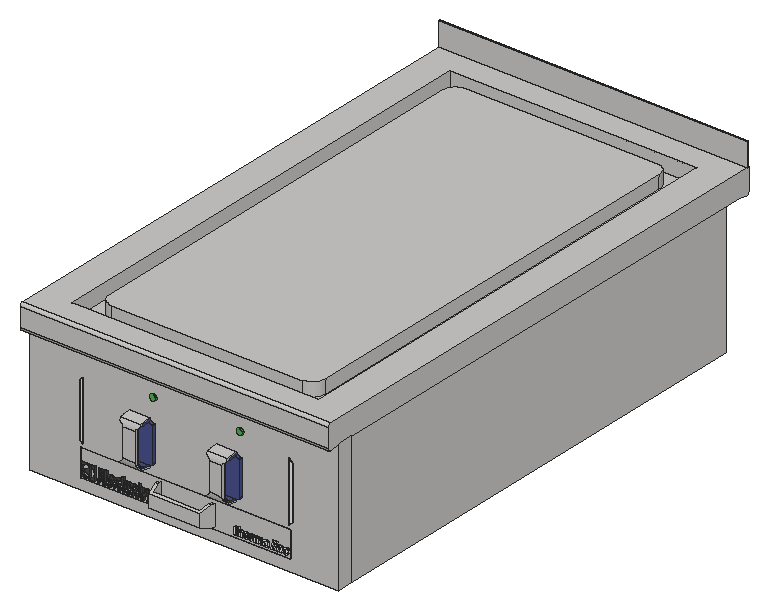
Revit family "QF_ELECTROLUXPROFESSIONAL_588549_MBTABBEOAO", category Attrezzature speciali, Revit 2020
Family settings
  Quota connettore circolare = Usa diametro
  Tipo di parte = Normale
  Basato su piano di lavoro = No
  Sempre verticale = Sì
  Taglio con vuoti quando caricato = No
  Condiviso = No
  Punto di calcolo locali = No
Parameters (values of type "Standard")
  Weight = 73.00 kg
  Watts = 6000 W
  Volts = 400 V
  URL Manufacturer = "https://www.electroluxprofessional.com/"
  URL = "https://www.electroluxprofessional.com/"
  Steam Supply Size = 0"
  Steam Supply Minimum Pressure = 0.00 psi
  Steam Supply Maximum Pressure = 0.00 psi
  Steam Consumption per Hour = 0
  Refrigeration Suction Line Size = 0 mm
  Refrigeration Liquid Line Size = 0 mm
  Refrigerant Compressor Remote = yes
  Prospetto di default = 0 mm
  Phase = 3
  Modello = "MBTABBEOAO"
  Produttore = "Electrolux Professional"
  Length Actual = 500 mm  # constant formula
  Item Number = "588549"
  Hot Water Size = 0"
  Height Actual = 250 mm  # constant formula
  HP = "8 HP"
  Gas Size = 0"
  Gas KW = 0
  Gas Input Pressure = 0.0 Btu/h
  Direct Waste Size = 0"
  Descrizione = "EL.FREE COOKING TOP,1S,BS,500X850X250H"
  Depth Actual = 850 mm  # constant formula
  Cycle = 50 Hz
  Condensate Return Size = 0"
  Compressed Air Volume = 0 GPM
  Compressed Air Size = 0"
  Compressed Air Pressure = 0.00 psi
  Cold Water Size = 0"
  Accessory = yes
Reference planes
  plane 1 "BACK": y = 0
  plane 2: z = 0
  plane 3 "LEFT": x = 0
  plane 4 "RIGHT": x = 500
  plane 5 "FRONT": y = -850
  plane 6 "TOP": z = 900
  plane 7 "Center (Left/Right)": x = 250
  plane 8: y = -425
  plane 9: y = -150
  plane 10: x = 50
  plane 11: x = 450
  plane 12: y = -42
  plane 13: y = -808
  plane 14 "EIx": x = 455
  plane 15 "EIy": y = -635
  plane 16: z = 938
  plane 17 "BaseTop": z = 650
  plane 18: y = -805
Forms (mm)
  Extrusion 1, solid, material "QF_Finishes_Stainless Steel"
    sketch origin (-178.969, -4572, 100) x (-1, 0, 0) y (0, -1, 0)
      loop
        line (-178.969, -4527) -> (-178.969, -3767) -> (-678.969, -3767) -> (-678.969, -4527) -> (-178.969, -4527)
    from 550 to 762.969
  Extrusion 2, solid, material "QF_Finishes_Stainless Steel"
    sketch origin (0, 0, 650) x (-1, 0, 0) y (0, -1, 0)
      loop
        circle (-455, 635) r 6.35
    from 0 to -11.851
  Extrusion 3, solid, material "QF_Finishes_Stainless Steel"
    sketch origin (250, 296.4, 1219.2) x (0, 1, 0) y (0, 0, 1)
      loop
        line (-296.4, -319.2) -> (-1141.4, -319.2)
        arc (-1141.4, -319.2) -> (-1144.935, -320.664) -> (-1146.4, -324.2) r 5
        line (-1146.4, -324.2) -> (-1146.4, -355.2)
        arc (-1146.4, -355.2) -> (-1144.971, -358.264) -> (-1141.705, -359.139) r 4
        line (-1141.705, -359.139) -> (-1126.4, -356.231) -> (-316.4, -356.231) -> (-301.094, -359.139)
        arc (-301.094, -359.139) -> (-297.829, -358.264) -> (-296.4, -355.2) r 4
        line (-296.4, -355.2) -> (-296.4, -319.2)
    from -250 to 250
  Extrusion 4, solid, material "QF_Finishes_Stainless Steel"
    sketch origin (0, 0, 900) x (-1, 0, 0) y (0, -1, 0)
      loop
        arc (-95, 67) -> (-80.858, 72.858) -> (-75, 87) r 20
        line (-75, 87) -> (-75, 763)
        arc (-75, 763) -> (-80.858, 777.142) -> (-95, 783) r 20
        line (-95, 783) -> (-405, 783)
        arc (-405, 783) -> (-419.142, 777.142) -> (-425, 763) r 20
        line (-425, 763) -> (-425, 87)
        arc (-425, 87) -> (-419.142, 72.858) -> (-405, 67) r 20
        line (-405, 67) -> (-95, 67)
    from 1 to -20
  Extrusion 5, void
    sketch origin (0, 0, 900) x (-1, 0, 0) y (0, -1, 0)
      loop
        line (-50, 808) -> (-450, 808) -> (-450, 42) -> (-50, 42) -> (-50, 808)
    from 0 to -25
  Extrusion 6, solid, material "QF_Finishes_Stainless Steel"
    sketch origin (250, 296.4, 1219.2) x (0, 1, 0) y (0, 0, 1)
      loop
        line (-296.4, -319.2) -> (-296.4, -281.2) -> (-298.4, -281.2) -> (-298.4, -319.2) -> (-296.4, -319.2)
    from 250 to -250
Cuts and joins
  Extrusion 5 cuts Extrusion 3
Lines and regions (mm)
  symbolic lines
    curve 1: line (0, 0, 100) -> (500, 0, 100)
    curve 2: line (0, -850, 100) -> (0, 0, 100)
    curve 3: line (500, -850, 100) -> (0, -850, 100)
    curve 4: line (500, 0, 100) -> (500, -850, 100)
    curve 5: line (50, -808, 0) -> (450, -808, 0)
    curve 6: line (450, -808, 0) -> (450, -42, 0)
    curve 7: line (450, -42, 0) -> (50, -42, 0)
    curve 8: line (50, -42, 0) -> (50, -808, 0)
    curve 9: line (0, -2, 0) -> (500, -2, 0)
Dimensions and locks
  plane 3 "LEFT" to plane 4 "RIGHT" = 500 mm
  locked: plane 5 "FRONT" to plane 1 "BACK" at 850
  equal spacing: plane 3 "LEFT", plane 7 "Center (Left/Right)", plane 4 "RIGHT"
  equal spacing: plane 5 "FRONT", plane 8, plane 1 "BACK"
  plane 6 "TOP" to level = 900 mm  (x2)
  plane 1 "BACK" to plane 9 = 150 mm
  plane 1 "BACK" to Extrusion 2 = 635 mm
  locked: plane 14 "EIx" to plane 4 "RIGHT" at 45
  locked: plane 15 "EIy" to plane 1 "BACK" at 635
  plane 16 to plane 6 "TOP" = 38 mm
  plane 12 to plane 1 "BACK" = 42 mm
  plane 5 "FRONT" to plane 13 = 42 mm
  plane 3 "LEFT" to plane 10 = 50 mm
  plane 11 to plane 4 "RIGHT" = 50 mm
  locked: plane 6 "TOP" to plane 17 "BaseTop" at 250
  locked: plane 18 to plane 5 "FRONT" at 45
  aligned and locked: level to plane 2
  aligned and locked: cut or joined group of Extrusion 3, Extrusion 5 to plane 3 "LEFT"
  aligned and locked: cut or joined group of Extrusion 3, Extrusion 5 to plane 4 "RIGHT"
  aligned and locked: Extrusion 5 sketch curve to plane 10
  aligned and locked: plane 12 to Extrusion 5 sketch curve
  aligned and locked: plane 11 to Extrusion 5 sketch curve
  aligned and locked: Extrusion 5 sketch curve to plane 13
  aligned and locked: nested 1 to plane 18
  aligned and locked: Extrusion 1 to plane 18
  aligned and locked: Extrusion 6 to plane 3 "LEFT"
  aligned and locked: Extrusion 6 to plane 4 "RIGHT"
  aligned and locked: plane 3 "LEFT" to nested 1
Automatic sketch dimensions
  Extrusion 3 sketch curve to plane 5 "FRONT" = 0 mm
  Extrusion 3 sketch curve to plane 6 "TOP" = 0 mm
  Extrusion 3 sketch curve to plane 1 "BACK" = 0 mm
  Extrusion 3 sketch curve to plane 5 "FRONT" = 4 mm
  Extrusion 3 sketch curve to Extrusion 3 sketch curve = 0.695 mm
  Extrusion 3 sketch curve to plane 5 "FRONT" = 5 mm
  Extrusion 3 sketch curve to Extrusion 3 sketch curve = 15.305 mm
  plane 1 "BACK" to Extrusion 3 sketch curve = 20 mm
  plane 1 "BACK" to Extrusion 3 sketch curve = 4.695 mm
  Extrusion 3 sketch curve to Extrusion 3 sketch curve = 4 mm
  Extrusion 3 sketch curve to Extrusion 3 sketch curve = 31 mm
  Extrusion 3 sketch curve to plane 6 "TOP" = 36 mm
  Extrusion 3 sketch curve to Extrusion 3 sketch curve = 2.909 mm
  Extrusion 1 sketch curve to plane 4 "RIGHT" = 0 mm
  Extrusion 1 sketch curve to plane 3 "LEFT" = 0 mm
  plane 1 "BACK" to Extrusion 1 sketch curve = 45 mm
  plane 1 "BACK" to curve 1 = 0 mm
  curve 1 to plane 4 "RIGHT" = 0 mm
  curve 2 to plane 3 "LEFT" = 0 mm
  plane 5 "FRONT" to curve 3 = 0 mm
  Extrusion 2 sketch curve to plane 14 "EIx" = 0 mm
  Extrusion 2 sketch curve to plane 15 "EIy" = 0 mm
  Extrusion 1 sketch curve to plane 5 "FRONT" = 45 mm
  Extrusion 6 sketch curve to plane 6 "TOP" = 0 mm
  Extrusion 6 sketch curve to plane 16 = 0 mm
  Extrusion 6 sketch curve to plane 1 "BACK" = 0 mm
  Extrusion 6 sketch curve to Extrusion 6 sketch curve = 2 mm
  curve 9 to plane 3 "LEFT" = 0 mm
  curve 5 to plane 10 = 0 mm
  curve 6 to plane 11 = 0 mm
  curve 9 to plane 4 "RIGHT" = 0 mm
  plane 13 to curve 5 = 0 mm
  plane 12 to curve 7 = 0 mm
  plane 1 "BACK" to curve 9 = 2 mm
  plane 11 to Extrusion 4 sketch curve = 25 mm
  Extrusion 4 sketch curve to Extrusion 4 sketch curve = 20 mm  (x3)
  plane 9 to Extrusion 4 sketch curve = 63 mm
  Extrusion 4 sketch curve to plane 10 = 45 mm
  Extrusion 4 sketch curve to plane 13 = 45 mm  (x2)
  radius of Extrusion 2 sketch curve = 6.35 mm
Nested families
  nested 1: "Front_Panel_W500_Two Knobs_Spie" at (52.376, -805, 0), type "Front_Panel_W500_Two Knobs_Spie"
Connectors
  electrical at (455, -635, 638.149)
    settings: on Extrusion 2, index 1, voltage 400 V, apparent load 33000 VA, apparent load phase1 0 VA, apparent load phase2 0 VA, apparent load phase3 0 VA, power factor 1, load classification "Other", number of poles 1, system type 30, power factor state 1, is connector primary yes, connector utility no, sub classification motor no, connector description "ELECTRICAL CONNECTION"
Definition of nested family "Front_Panel_W500_Two Knobs_Spie"
  Parameters
    Default Elevation = 0 mm
  Reference planes
    plane 1 "Center (Front/Back)": y = 0
    plane 2: z = 0
    plane 3 "Center (Left/Right)": x = 197.624
    plane 4 "Left": x = -52.376
    plane 5 "Right": x = 447.624
    plane 6: y = -45
    plane 7: x = 127.624
    plane 8: y = -310
    plane 9 "Panel": y = -25
  Forms (mm)
    Extrusion 1, solid
      sketch origin (833.217, 829.203, -1.25) x (0, 1, 0) y (0, 0, 1)
        loop
          line (-854.203, 651.25) -> (-829.203, 651.25) -> (-829.203, 864.25) -> (-854.203, 864.25) -> (-854.203, 651.25)
      from -885.593 to -385.593
    Extrusion 2, void
      sketch origin (0, -25, -10) x (0, 0, 1) y (-1, 0, 0)
        loop
          line (731.866, -27.624) -> (726.866, -32.624) -> (823.866, -32.624) -> (818.866, -27.624) -> (731.866, -27.624)
        loop
          line (731.866, -372.624) -> (818.866, -372.624) -> (823.866, -367.624) -> (726.866, -367.624) -> (731.866, -372.624)
      from 0 to -2
    Extrusion 3, void
      sketch origin (0, 0, 0) x (1, 0, 0) y (0, 0, 1)
        loop
          line (30.124, 711.866) -> (30.124, 666.866) -> (370.124, 666.866) -> (370.124, 711.866) -> (30.124, 711.866)
      from 19.387 to 25
    Extrusion 4, solid
      sketch origin (160, -25, 1.163) x (0, 0, 1) y (-1, 0, 0)
        loop
          circle (824.337, 12.376) r 5
      from 0 to 1.7
    Extrusion 5, solid
      sketch origin (300.724, -25, 1.163) x (0, 0, 1) y (-1, 0, 0)
        loop
          circle (824.337, 12.376) r 5
      from 0 to 1.7
    Extrusion 6, solid
      sketch origin (0, -25, -10) x (0, 0, 1) y (-1, 0, 0)
        loop
          line (731.866, -27.624) -> (726.866, -32.624) -> (823.866, -32.624) -> (818.866, -27.624) -> (731.866, -27.624)
        loop
          line (726.866, -367.624) -> (731.866, -372.624) -> (818.866, -372.624) -> (823.866, -367.624) -> (726.866, -367.624)
      from 0 to -2
    Extrusion 7, solid
      sketch origin (52.827, 0, -0.001) x (1, 0, 0) y (0, 0, 1)
        loop
          line (-21.376, 710.866) -> (-21.376, 667.866) -> (316.624, 667.866) -> (316.624, 710.866) -> (-21.376, 710.866)
      from 19.387 to 25
    Extrusion 8, solid
      sketch origin (52.827, 0, -0.001) x (1, 0, 0) y (0, 1, 0)
        loop
          line (106.059, -25) -> (100.966, -25) -> (105.646, -49.075) -> (189.603, -49.075) -> (194.283, -25) -> (189.189, -25) -> (185.481, -44.075) -> (109.767, -44.075) -> (106.059, -25)
      from 672.593 to 705.67
    Extrusion 9, void
      sketch origin (200.451, 0, -0.001) x (0, 1, 0) y (0, 0, 1)
        loop
          line (-30, 705.67) -> (-30, 710.67) -> (-56.744, 710.67) -> (-56.744, 667.593) -> (-30, 667.593) -> (-30, 672.593) -> (-53.776, 680.318) -> (-53.776, 697.945) -> (-30, 705.67)
      from -50 to 50
    Extrusion 10, solid, detail levels coarse
      sketch origin (52.827, -265, -0.001) x (1, 0, 0) y (0, 1, 0)
        loop
          line (106.164, -71.744) -> (189.084, -71.744) -> (194.283, -45) -> (316.624, -45) -> (316.624, 240) -> (-21.376, 240) -> (-21.376, -45) -> (100.966, -45) -> (106.164, -71.744)
      from 672.593 to 705.67
    Extrusion 11, void
      sketch origin (200.451, -280, -0.001) x (0, 1, 0) y (0, 0, 1)
        loop
          line (-30, 705.67) -> (-30, 710.67) -> (-56.744, 710.67) -> (-56.744, 667.593) -> (-30, 667.593) -> (-30, 672.593) -> (-53.776, 680.318) -> (-53.776, 697.945) -> (-30, 705.67)
      from -50 to 50
  Cuts and joins
    Extrusion 2, Extrusion 3 cuts Extrusion 1
    Extrusion 9 cuts Extrusion 8
    Extrusion 9, Extrusion 11 cuts Extrusion 10
  Lines and regions (mm)
    symbolic lines
      curve 1: line (31.124, -45, 0) -> (31.124, -310, 0)
      curve 2: line (31.124, -310, 0) -> (364.124, -310, 0)
      curve 3: line (135.966, -310, 0) -> (140.646, -334.075, 0)
      curve 4: line (140.646, -334.075, 0) -> (254.603, -334.075, 0)
      curve 5: line (254.603, -334.075, 0) -> (259.283, -310, 0)
      curve 6: line (364.124, -310, 0) -> (364.124, -45, 0)
      curve 7: line (31.124, -300, 0) -> (364.124, -300, 0)
      curve 8: line (140.874, -309.046, 0) -> (144.767, -329.075, 0)
      curve 9: line (144.767, -329.075, 0) -> (250.481, -329.075, 0)
      curve 10: line (250.481, -329.075, 0) -> (254.375, -309.046, 0)
  Dimensions and locks
    equal spacing: plane 5 "Right", plane 3 "Center (Left/Right)", plane 4 "Left"
    plane 5 "Right" to plane 4 "Left" = 500 mm
    plane 3 "Center (Left/Right)" to plane 7 = 70 mm
    plane 6 to plane 8 = 265 mm
    aligned and locked: cut or joined group of Extrusion 1, Extrusion 2, Extrusion 3 to plane 4 "Left"
    aligned and locked: plane 5 "Right" to cut or joined group of Extrusion 1, Extrusion 2, Extrusion 3
  Automatic sketch dimensions
    plane 6 to curve 1 = 0 mm
    curve 1 to plane 8 = 0 mm
    plane 6 to curve 6 = 0 mm
    plane 7 to curve 3 = 13.021 mm
    curve 3 to curve 8 = 4.122 mm
    curve 10 to plane 8 = 19.075 mm
    plane 3 "Center (Left/Right)" to curve 10 = 52.857 mm
    curve 5 to plane 8 = 24.075 mm
    curve 9 to curve 5 = 4.122 mm
    curve 4 to curve 2 = 109.521 mm
    plane 7 to curve 3 = 8.342 mm
    plane 8 to curve 8 = 0.954 mm
    curve 3 to curve 8 = 4.908 mm
    plane 8 to curve 10 = 0.954 mm
    curve 9 to curve 10 = 3.893 mm
    curve 10 to curve 5 = 4.908 mm
    plane 8 to curve 7 = 10 mm
    Extrusion 1 sketch curve to plane 9 "Panel" = 0 mm
    Extrusion 1 sketch curve to plane 1 "Center (Front/Back)" = 0 mm
    Extrusion 2 sketch curve to Extrusion 2 sketch curve = 5 mm  (x6)
    Extrusion 3 sketch curve to Extrusion 3 sketch curve = 45 mm
    plane 7 to Extrusion 4 sketch curve = 20 mm
    plane 3 "Center (Left/Right)" to Extrusion 5 sketch curve = 90.724 mm
    Extrusion 6 sketch curve to Extrusion 6 sketch curve = 5 mm  (x6)
    plane 4 "Left" to curve 2 = 83.5 mm
    plane 4 "Left" to Extrusion 3 sketch curve = 82.5 mm
    Extrusion 2 sketch curve to plane 5 "Right" = 80 mm
    Extrusion 3 sketch curve to plane 5 "Right" = 77.5 mm
    Extrusion 6 sketch curve to plane 5 "Right" = 80 mm
    plane 4 "Left" to Extrusion 2 sketch curve = 85 mm
    plane 4 "Left" to Extrusion 6 sketch curve = 85 mm
    level to Extrusion 1 sketch curve = 650 mm
    Extrusion 1 sketch curve to Extrusion 1 sketch curve = 213 mm
    level to Extrusion 2 sketch curve = 716.866 mm
    Extrusion 2 sketch curve to Extrusion 2 sketch curve = 0 mm
    Extrusion 2 sketch curve to Extrusion 2 sketch curve = 87 mm  (x2)
    level to Extrusion 3 sketch curve = 666.866 mm
    level to Extrusion 4 sketch curve = 825.5 mm
    level to Extrusion 5 sketch curve = 825.5 mm
    level to Extrusion 6 sketch curve = 716.866 mm
    Extrusion 6 sketch curve to Extrusion 6 sketch curve = 0 mm
    Extrusion 6 sketch curve to Extrusion 6 sketch curve = 87 mm  (x2)
    plane 4 "Left" to Extrusion 7 sketch curve = 83.827 mm
    Extrusion 7 sketch curve to plane 5 "Right" = 78.173 mm
    level to Extrusion 7 sketch curve = 667.864 mm
    Extrusion 7 sketch curve to Extrusion 7 sketch curve = 43 mm
    plane 9 "Panel" to Extrusion 8 sketch curve = 0 mm  (x2)
    plane 7 to Extrusion 8 sketch curve = 26.169 mm
    plane 6 to Extrusion 8 sketch curve = 4.075 mm
    Extrusion 8 sketch curve to Extrusion 8 sketch curve = 4.68 mm
    Extrusion 8 sketch curve to Extrusion 8 sketch curve = 5.094 mm  (x2)
    Extrusion 8 sketch curve to plane 6 = 0.925 mm
    Extrusion 8 sketch curve to Extrusion 8 sketch curve = 4.122 mm  (x2)
    plane 3 "Center (Left/Right)" to Extrusion 8 sketch curve = 40.684 mm
    Extrusion 8 sketch curve to Extrusion 8 sketch curve = 3.708 mm
    plane 6 to Extrusion 9 sketch curve = 11.744 mm
    plane 6 to Extrusion 9 sketch curve = 8.776 mm
    plane 9 "Panel" to Extrusion 9 sketch curve = 5 mm  (x2)
    level to Extrusion 9 sketch curve = 667.591 mm
    Extrusion 9 sketch curve to Extrusion 9 sketch curve = 5 mm
    Extrusion 9 sketch curve to Extrusion 9 sketch curve = 12.725 mm  (x2)
    Extrusion 9 sketch curve to Extrusion 9 sketch curve = 17.627 mm
    Extrusion 9 sketch curve to Extrusion 9 sketch curve = 7.725 mm
    plane 9 "Panel" to Extrusion 10 sketch curve = 0 mm
    Extrusion 10 sketch curve to plane 8 = 0 mm  (x2)
    plane 4 "Left" to Extrusion 10 sketch curve = 83.827 mm
    plane 7 to Extrusion 10 sketch curve = 26.169 mm
    Extrusion 10 sketch curve to Extrusion 10 sketch curve = 5.199 mm  (x2)
    plane 3 "Center (Left/Right)" to Extrusion 10 sketch curve = 44.287 mm
    Extrusion 10 sketch curve to plane 5 "Right" = 78.173 mm
    Extrusion 10 sketch curve to plane 8 = 26.744 mm
    Extrusion 11 sketch curve to plane 8 = 0 mm  (x2)
    Extrusion 11 sketch curve to plane 8 = 23.776 mm
    Extrusion 11 sketch curve to Extrusion 11 sketch curve = 2.968 mm
    level to Extrusion 11 sketch curve = 667.591 mm
    Extrusion 11 sketch curve to Extrusion 11 sketch curve = 5 mm
    Extrusion 11 sketch curve to Extrusion 11 sketch curve = 12.725 mm  (x2)
    Extrusion 11 sketch curve to Extrusion 11 sketch curve = 17.627 mm
    Extrusion 11 sketch curve to Extrusion 11 sketch curve = 7.725 mm
    radius of Extrusion 4 sketch curve = 5 mm
    radius of Extrusion 5 sketch curve = 5 mm
  Nested families
    nested 1: "Range Control Handle" at (127.624, -28.137, -209.113) x (-1, 0, 0) z (0, 0, 1), type "Range Control Handle"
    nested 2: "Range Control Handle" at (267.624, -28.137, -209.113), type "Range Control Handle"
    nested 3: "ELX_ThermaLine_Small" at (319.139, -25, 679.341) x (1, 0, 0) z (0, -1, 0), type "ELX_ThermaLine_Small"
      with Show Logo yes, Material_Logo none
    nested 4: "ELX_Professional_Logo_Small" at (91.781, -25, 681.573) x (1, 0, 0) z (0, -1, 0), type "ELX_Professional_Logo_Small"
      with Show Logo yes, Material_Logo none
  Definition of nested family "Range Control Handle"
    Parameters
      Default Elevation = 0 mm
    Reference planes
      plane 1 "Center (Front/Back)": y = 0
      plane 2: z = 0
      plane 3 "Center (Left/Right)": x = 0
      plane 4: z = 971.092
      plane 5: y = -16.9
    Forms (mm)
      Extrusion 1, solid
        sketch origin (-746.28, 380.497, 208.931) x (-1, 0, 0) y (0, 0, 1)
          loop
            line (-770.101, 786.798) -> (-770.101, 731.649)
            arc (-770.101, 731.649) -> (-769.759, 730.563) -> (-768.855, 729.87) r 1.893
            line (-768.855, 729.87) -> (-763.474, 727.911) -> (-729.81, 727.911) -> (-724.428, 729.87)
            arc (-724.428, 729.87) -> (-723.525, 730.563) -> (-723.183, 731.649) r 1.893
            line (-723.183, 731.649) -> (-723.183, 786.798)
            arc (-723.183, 786.798) -> (-723.529, 787.894) -> (-724.44, 788.593) r 1.91
            line (-724.44, 788.593) -> (-729.683, 790.819) -> (-763.601, 790.819) -> (-768.844, 788.593)
            arc (-768.844, 788.593) -> (-769.755, 787.894) -> (-770.101, 786.798) r 1.91
        from -382.35 to -378.852
      Sweep 2, solid
        path origin (-746.788, 380.496, 208.091) x (0, -1, 0) y (0, 0, 1)
          loop
            line (379.775, 793.281) -> (395.661, 791.048)
            arc (395.661, 791.048) -> (397.781, 787.377) -> (398.517, 783.202) r 12.207
            line (398.517, 783.202) -> (398.517, 737.368)
            arc (398.517, 737.368) -> (397.781, 733.193) -> (395.661, 729.522) r 12.207
            line (395.661, 729.522) -> (379.775, 727.289)
        profile origin (-746.788, -7.222, 1000.256) x (0, -0.139173, 0.990268) y (-1, 0, 0)
          loop
            line (0.782, -763.123) -> (0.782, -730.907) -> (-1.322, -730.907) -> (-1.322, -763.123) -> (0.782, -763.123)
      Sweep 3, solid
        path origin (-746.788, 380.715, 207.832) x (0, -1, 0) y (0, 0, 1)
          loop
            line (380.478, 795.442) -> (397.218, 793.09)
            arc (397.218, 793.09) -> (399.929, 788.473) -> (400.871, 783.202) r 15.207
            line (400.871, 783.202) -> (400.871, 737.584)
            arc (400.871, 737.584) -> (399.914, 732.274) -> (397.164, 727.633) r 15.207
            line (397.164, 727.633) -> (380.601, 725.305)
        profile origin (-746.788, -8.132, 1002.099) x (0, -0.139173, 0.990268) y (-1, 0, 0)
          loop
            line (0.782, -763.123) -> (0.782, -730.907) -> (-1.322, -730.907) -> (-1.322, -763.123) -> (0.782, -763.123)
      Extrusion 4, void
        sketch origin (889.253, 220.666, 207.993) x (1, 0, 0) y (0, 0, 1)
          loop
            line (-943.038, 816.854) -> (-943.038, 703.686) -> (-899.466, 734.196) -> (-899.466, 786.344) -> (-943.038, 816.854)
        from 230.636 to 242.25
      Extrusion 5, void
        sketch origin (-888.8, 220.666, 207.993) x (-1, 0, 0) y (0, 0, -1)
          loop
            line (-943.038, -816.854) -> (-899.466, -786.344) -> (-899.466, -734.196) -> (-943.038, -703.686) -> (-943.038, -816.854)
        from 230.636 to 242.25
      Extrusion 6, solid
        sketch origin (0, 0, 0) x (1, 0, 0) y (0, 0, 1)
          loop
            circle (0, 971.092) r 7.736
        from -3.137 to -1.645
    Cuts and joins
      Extrusion 4, Extrusion 5 cuts Sweep 3
      Extrusion 4, Extrusion 5 cuts Sweep 2
      joined: Extrusion 1, Extrusion 6
    Lines and regions (mm)
      symbolic lines
        curve 1: line (16.334, -16.9, 0) -> (16.334, -19.227, 0)
        curve 2: spline (16.334, -19.227, 0) -> (15.87, -19.385, 0) -> (15.404, -19.536, 0) -> (14.936, -19.678, 0) -> (14.466, -19.813, 0) -> (13.995, -19.94, 0) -> (13.523, -20.059, 0) -> (13.049, -20.171, 0) -> (12.575, -20.274, 0) -> (12.099, -20.37, 0) -> (11.622, -20.458, 0) -> (11.144, -20.537, 0) -> (10.666, -20.609, 0)
        curve 3: line (10.666, -16.9, 0) -> (10.666, -20.938, 0)
        curve 4: line (-10.213, -20.938, 0) -> (10.666, -20.938, 0)
        curve 5: line (-10.213, -20.938, 0) -> (-10.213, -16.9, 0)
        curve 6: spline (-10.213, -20.609, 0) -> (-10.691, -20.537, 0) -> (-11.169, -20.458, 0) -> (-11.646, -20.37, 0) -> (-12.122, -20.274, 0) -> (-12.597, -20.171, 0) -> (-13.07, -20.059, 0) -> (-13.542, -19.94, 0) -> (-14.013, -19.813, 0) -> (-14.483, -19.678, 0) -> (-14.951, -19.536, 0) -> (-15.417, -19.385, 0) -> (-15.881, -19.227, 0)
        curve 7: line (-15.881, -19.227, 0) -> (-15.881, -16.9, 0)
  Definition of nested family "ELX_ThermaLine_Small"
    Parameters
      Show Logo [instance] = yes
      Material_Logo [instance] = none
      Default Elevation = 0 mm
    Reference planes
      plane 1 "Centro (Fronte/Retro)": y = 0
      plane 2: z = 0
      plane 3 "Centro (Sinistra/Destra)": x = 0
    Forms (mm)
      Extrusion 1, solid
        sketch origin (0, 0, 0) x (1, 0, 0) y (0, 1, 0)
          loop
            line (-1219.2, 1219.2) -> (-1219.2, -1219.2) -> (1219.2, -1219.2) -> (1219.2, 1219.2) -> (-1219.2, 1219.2)
        from 0 to -304.8
      Extrusion 2, solid
        sketch origin (0, 0, 0) x (1, 0, 0) y (0, 1, 0)
          loop
            line (-37.494, 1.229) -> (-35.908, 1.229) -> (-35.908, 3.066) -> (-37.494, 3.066) -> (-37.494, 6.221) -> (-39.867, 4.881) -> (-39.867, 3.066) -> (-40.969, 3.066) -> (-40.969, 1.229) -> (-39.867, 1.229) -> (-39.867, -3.407)
            arc (-39.867, -3.407) -> (-38.982, -5.513) -> (-36.751, -6.001) r 2.478
            line (-36.751, -6.001) -> (-35.638, -5.7) -> (-35.9, -3.835) -> (-36.661, -4.039)
            arc (-36.661, -4.039) -> (-37.236, -3.924) -> (-37.494, -3.399) r 0.662
            line (-37.494, -3.399) -> (-37.494, 1.229)
          loop
            line (-34.242, 6.539) -> (-34.242, -5.848) -> (-31.854, -5.848) -> (-31.854, -0.078)
            arc (-31.854, -0.078) -> (-30.939, 1.249) -> (-29.33, 1.367) r 1.866
            arc (-29.33, 1.367) -> (-28.695, 0.768) -> (-28.461, -0.073) r 1.627
            line (-28.461, -0.073) -> (-28.461, -5.848) -> (-26.086, -5.848) -> (-26.064, -0.46)
            arc (-26.064, -0.46) -> (-26.261, 0.932) -> (-26.786, 2.237) r 5.825
            arc (-26.786, 2.237) -> (-29.381, 3.264) -> (-31.854, 1.971) r 3.353
            line (-31.854, 1.971) -> (-31.854, 6.539) -> (-34.242, 6.539)
          loop
            arc (-18.398, -0.598) -> (-18.893, 0.879) -> (-20.326, 1.487) r 1.897
            arc (-20.326, 1.487) -> (-21.461, 0.708) -> (-21.897, -0.598) r 2.164
            line (-21.897, -0.598) -> (-18.398, -0.598)
          loop
            arc (-16.021, -2.044) -> (-16.754, 1.227) -> (-19.444, 3.226) r 4.814
            arc (-19.444, 3.226) -> (-22.137, 2.788) -> (-23.943, 0.743) r 4.054
            arc (-23.943, 0.743) -> (-24.382, -1.249) -> (-24.162, -3.276) r 6.289
            arc (-24.162, -3.276) -> (-23.302, -4.71) -> (-21.958, -5.705) r 4.28
            arc (-21.958, -5.705) -> (-18.558, -5.814) -> (-16.152, -3.409) r 4.28
            line (-16.152, -3.409) -> (-18.5, -2.995)
            arc (-18.5, -2.995) -> (-19.273, -3.994) -> (-20.533, -4.076) r 1.536
            arc (-20.533, -4.076) -> (-21.56, -3.281) -> (-21.958, -2.044) r 2.197
            line (-21.958, -2.044) -> (-16.021, -2.044)
          loop
            line (-14.165, -5.848) -> (-11.819, -5.848) -> (-11.819, -2.138)
            arc (-11.819, -2.138) -> (-11.787, -1.156) -> (-11.637, -0.185) r 8.18
            arc (-11.637, -0.185) -> (-10.644, 0.972) -> (-9.132, 0.776) r 1.603
            line (-9.132, 0.776) -> (-8.419, 2.846)
            arc (-8.419, 2.846) -> (-10.432, 3.118) -> (-11.994, 1.821) r 2.527
            line (-11.994, 1.821) -> (-11.994, 3.094) -> (-14.165, 3.094) -> (-14.165, -5.848)
          loop
            line (-7.579, 3.094) -> (-7.579, -5.848) -> (-5.178, -5.848) -> (-5.178, -0.756)
            arc (-5.178, -0.756) -> (-4.727, 0.679) -> (-3.417, 1.419) r 2.05
            arc (-3.417, 1.419) -> (-2.499, 0.908) -> (-2.155, -0.085) r 1.471
            line (-2.155, -0.085) -> (-2.155, -5.848) -> (0.23, -5.848) -> (0.23, -1.001)
            arc (0.23, -1.001) -> (0.47, 0.127) -> (1.148, 1.061) r 2.775
            arc (1.148, 1.061) -> (2.225, 1.329) -> (3.05, 0.587) r 1.182
            arc (3.05, 0.587) -> (3.199, -0.019) -> (3.214, -0.642) r 2.894
            line (3.214, -0.642) -> (3.214, -5.848) -> (5.601, -5.848) -> (5.601, 0.261)
            arc (5.601, 0.261) -> (4.87, 2.263) -> (2.976, 3.241) r 2.932
            arc (2.976, 3.241) -> (1.284, 2.973) -> (-0.047, 1.896) r 3.309
            arc (-0.047, 1.896) -> (-1.116, 2.865) -> (-2.506, 3.258) r 3.16
            arc (-2.506, 3.258) -> (-4.105, 2.942) -> (-5.376, 1.92) r 3.419
            line (-5.376, 1.92) -> (-5.376, 3.094) -> (-7.579, 3.094)
          loop
            line (7.583, 0.738) -> (9.702, 0.364)
            arc (9.702, 0.364) -> (11.441, 1.492) -> (12.855, -0.023) r 1.613
            line (12.855, -0.023) -> (9.782, -0.789)
            arc (9.782, -0.789) -> (8.559, -1.346) -> (7.617, -2.305) r 3.687
            arc (7.617, -2.305) -> (7.499, -3.681) -> (7.901, -5.003) r 3.651
            arc (7.901, -5.003) -> (9.107, -5.766) -> (10.515, -6.006) r 3.635
            arc (10.515, -6.006) -> (11.898, -5.697) -> (13.067, -4.895) r 3.734
            line (13.067, -4.895) -> (13.376, -5.848) -> (15.75, -5.848) -> (15.212, -4.193) -> (15.212, 0.38)
            arc (15.212, 0.38) -> (14.897, 1.849) -> (13.818, 2.895) r 2.585
            arc (13.818, 2.895) -> (11.792, 3.442) -> (9.719, 3.11) r 5.005
            arc (9.719, 3.11) -> (8.369, 2.178) -> (7.583, 0.738) r 3.54
          loop
            line (19.723, -5.848) -> (22.233, -5.848) -> (24.854, 6.484) -> (22.345, 6.484) -> (19.723, -5.848)
          loop
            line (24.583, -5.848) -> (26.953, -5.848) -> (28.848, 3.066) -> (26.478, 3.066) -> (24.583, -5.848)
          loop
            line (27.204, 6.484) -> (26.741, 4.305) -> (29.111, 4.305) -> (29.575, 6.484) -> (27.204, 6.484)
          loop
            line (29.355, -5.848) -> (31.849, -5.848) -> (33.098, 0.028)
            arc (33.098, 0.028) -> (34.169, 1.306) -> (35.832, 1.422) r 2.132
            arc (35.832, 1.422) -> (36.324, 0.752) -> (36.383, -0.078) r 1.5
            line (36.383, -0.078) -> (35.157, -5.848) -> (37.536, -5.848) -> (38.936, 0.738)
            arc (38.936, 0.738) -> (38.775, 2.091) -> (37.825, 3.066) r 2.118
            arc (37.825, 3.066) -> (35.392, 3.175) -> (33.295, 1.937) r 4.271
            line (33.295, 1.937) -> (33.535, 3.066) -> (31.25, 3.066) -> (29.355, -5.848)
          loop
            line (42.792, -0.64) -> (46.589, -0.64)
            arc (46.589, -0.64) -> (46.639, 0.124) -> (46.327, 0.823) r 1.589
            arc (46.327, 0.823) -> (45.117, 1.521) -> (43.762, 1.183) r 1.865
            arc (43.762, 1.183) -> (43.141, 0.344) -> (42.792, -0.64) r 3.538
          loop
            line (42.565, -2.138) -> (48.593, -2.138)
            arc (48.593, -2.138) -> (48.58, 0.597) -> (46.983, 2.818) r 4.494
            arc (46.983, 2.818) -> (44.191, 3.28) -> (41.725, 1.891) r 4.26
            arc (41.725, 1.891) -> (40.503, -0.3) -> (40.284, -2.799) r 6.003
            arc (40.284, -2.799) -> (40.959, -4.468) -> (42.377, -5.576) r 3.482
            arc (42.377, -5.576) -> (44.265, -5.961) -> (46.152, -5.576) r 4.823
            arc (46.152, -5.576) -> (47.432, -4.731) -> (48.328, -3.485) r 4.245
            line (48.328, -3.485) -> (46.168, -3.105)
            arc (46.168, -3.105) -> (45.214, -4.072) -> (43.859, -4.181) r 1.953
            arc (43.859, -4.181) -> (42.821, -3.408) -> (42.565, -2.138) r 1.81
          loop
            line (12.868, -1.553) -> (10.216, -2.214)
            arc (10.216, -2.214) -> (9.747, -3.136) -> (10.216, -4.058) r 1.14
            arc (10.216, -4.058) -> (11.537, -4.249) -> (12.614, -3.46) r 1.763
            arc (12.614, -3.46) -> (12.858, -2.522) -> (12.868, -1.553) r 3.97
        from 0 to 1.6
    Dimensions and locks
      aligned and locked: plane 2 to Extrusion 1
      aligned and locked: level to Extrusion 1
  Definition of nested family "ELX_Professional_Logo_Small"
    Parameters
      Show Logo [instance] = yes
      Material_Logo [instance] = none
      Default Elevation = 0 mm
    Reference planes
      plane 1 "Centro (Fronte/Retro)": y = 0
      plane 2: z = 0
      plane 3 "Centro (Sinistra/Destra)": x = 0
    Forms (mm)
      Extrusion 1, solid
        sketch origin (0, 0, 0) x (1, 0, 0) y (0, 1, 0)
          loop
            line (-1219.2, 1219.2) -> (-1219.2, -1219.2) -> (1219.2, -1219.2) -> (1219.2, 1219.2) -> (-1219.2, 1219.2)
        from 0 to -304.8
      Extrusion 2, solid, material <- "Material_Logo"
        sketch origin (15.5, 0, 0) x (1, 0, 0) y (0, 1, 0)
          loop
            spline (-42.99, -1.24) -> (-43.195, -1.231) -> (-43.415, -1.203) -> (-43.642, -1.152) -> (-43.87, -1.074) -> (-44.095, -0.966) -> (-44.309, -0.825) -> (-44.506, -0.647) -> (-44.681, -0.429) -> (-44.828, -0.167) -> (-44.94, 0.142) -> (-45.011, 0.501) -> (-45.037, 0.915)
            line (-45.037, 0.915) -> (-45.037, 2.748) -> (-38.984, 2.748) -> (-38.984, 5.086) -> (-45.038, 5.086) -> (-45.038, 8.489) -> (-38.599, 8.489) -> (-38.599, 10.82) -> (-47.515, 10.82) -> (-47.515, 1.021)
            spline (-47.515, 1.021) -> (-47.493, 0.418) -> (-47.425, -0.15) -> (-47.311, -0.682) -> (-47.15, -1.175) -> (-46.939, -1.628) -> (-46.678, -2.038) -> (-46.365, -2.404) -> (-46, -2.723) -> (-45.58, -2.995) -> (-45.105, -3.216) -> (-44.573, -3.385) -> (-43.983, -3.499)
            line (-43.983, -3.499) -> (-43.01, -3.569) -> (-38.426, -3.569) -> (-38.426, -1.24) -> (-42.99, -1.24)
          loop
            line (-36.666, 4.021) -> (-36.666, -3.573) -> (-34.188, -3.573) -> (-34.188, 10.824) -> (-36.666, 10.824) -> (-36.666, 4.021)
          loop
            spline (-21.915, 1.897) -> (-21.957, 2.615) -> (-22.082, 3.303) -> (-22.285, 3.955) -> (-22.563, 4.564) -> (-22.913, 5.124) -> (-23.331, 5.629) -> (-23.814, 6.074) -> (-24.359, 6.451) -> (-24.961, 6.755) -> (-25.618, 6.98) -> (-26.326, 7.119) -> (-27.081, 7.167)
            spline (-27.081, 7.167) -> (-27.853, 7.122) -> (-28.586, 6.99) -> (-29.275, 6.774) -> (-29.915, 6.478) -> (-30.5, 6.104) -> (-31.024, 5.657) -> (-31.483, 5.138) -> (-31.871, 4.553) -> (-32.182, 3.904) -> (-32.411, 3.194) -> (-32.552, 2.427) -> (-32.6, 1.606)
            spline (-32.6, 1.606) -> (-32.553, 0.805) -> (-32.416, 0.057) -> (-32.193, -0.637) -> (-31.887, -1.271) -> (-31.504, -1.843) -> (-31.048, -2.35) -> (-30.523, -2.788) -> (-29.934, -3.154) -> (-29.284, -3.444) -> (-28.579, -3.656) -> (-27.822, -3.785) -> (-27.019, -3.829)
            spline (-27.019, -3.829) -> (-26.627, -3.82) -> (-26.239, -3.79) -> (-25.856, -3.739) -> (-25.477, -3.663) -> (-25.103, -3.562) -> (-24.734, -3.432) -> (-24.369, -3.273) -> (-24.01, -3.082) -> (-23.655, -2.858) -> (-23.305, -2.597) -> (-22.96, -2.299) -> (-22.621, -1.962)
            line (-22.621, -1.962) -> (-24.114, -0.509)
            spline (-24.114, -0.509) -> (-24.311, -0.699) -> (-24.509, -0.872) -> (-24.71, -1.03) -> (-24.915, -1.172) -> (-25.126, -1.297) -> (-25.346, -1.407) -> (-25.576, -1.5) -> (-25.817, -1.576) -> (-26.072, -1.636) -> (-26.342, -1.678) -> (-26.629, -1.704) -> (-26.936, -1.713)
            spline (-26.936, -1.713) -> (-27.384, -1.691) -> (-27.805, -1.625) -> (-28.196, -1.518) -> (-28.556, -1.372) -> (-28.882, -1.187) -> (-29.174, -0.966) -> (-29.429, -0.71) -> (-29.645, -0.422) -> (-29.821, -0.102) -> (-29.955, 0.247) -> (-30.045, 0.623) -> (-30.089, 1.026)
            line (-30.089, 1.026) -> (-21.956, 1.026) -> (-21.915, 1.897)
          loop
            spline (-24.446, 2.769) -> (-24.47, 3.075) -> (-24.54, 3.37) -> (-24.654, 3.65) -> (-24.807, 3.913) -> (-24.996, 4.156) -> (-25.219, 4.376) -> (-25.472, 4.57) -> (-25.753, 4.736) -> (-26.057, 4.869) -> (-26.382, 4.968) -> (-26.724, 5.03) -> (-27.081, 5.051)
            spline (-27.081, 5.051) -> (-27.464, 5.03) -> (-27.832, 4.97) -> (-28.183, 4.872) -> (-28.513, 4.74) -> (-28.819, 4.577) -> (-29.099, 4.384) -> (-29.347, 4.165) -> (-29.563, 3.923) -> (-29.742, 3.659) -> (-29.881, 3.377) -> (-29.977, 3.079) -> (-30.027, 2.769)
            line (-30.027, 2.769) -> (-24.446, 2.769)
          loop
            spline (-18.167, 1.669) -> (-18.138, 2.13) -> (-18.055, 2.567) -> (-17.921, 2.978) -> (-17.739, 3.358) -> (-17.512, 3.705) -> (-17.243, 4.016) -> (-16.937, 4.287) -> (-16.596, 4.517) -> (-16.223, 4.7) -> (-15.823, 4.835) -> (-15.398, 4.919) -> (-14.951, 4.947)
            spline (-14.951, 4.947) -> (-14.677, 4.938) -> (-14.414, 4.913) -> (-14.162, 4.871) -> (-13.921, 4.812) -> (-13.69, 4.738) -> (-13.467, 4.649) -> (-13.254, 4.544) -> (-13.048, 4.424) -> (-12.85, 4.291) -> (-12.659, 4.143) -> (-12.474, 3.981) -> (-12.295, 3.806)
            line (-12.295, 3.806) -> (-10.76, 5.403)
            spline (-10.76, 5.403) -> (-11.065, 5.709) -> (-11.38, 5.984) -> (-11.703, 6.228) -> (-12.035, 6.443) -> (-12.375, 6.63) -> (-12.723, 6.788) -> (-13.078, 6.92) -> (-13.44, 7.026) -> (-13.809, 7.107) -> (-14.184, 7.164) -> (-14.564, 7.198) -> (-14.951, 7.209)
            spline (-14.951, 7.209) -> (-15.725, 7.161) -> (-16.467, 7.02) -> (-17.169, 6.792) -> (-17.826, 6.482) -> (-18.43, 6.096) -> (-18.976, 5.637) -> (-19.455, 5.112) -> (-19.862, 4.525) -> (-20.19, 3.882) -> (-20.433, 3.189) -> (-20.584, 2.449) -> (-20.635, 1.669)
            spline (-20.635, 1.669) -> (-20.584, 0.889) -> (-20.433, 0.149) -> (-20.19, -0.545) -> (-19.862, -1.187) -> (-19.455, -1.774) -> (-18.976, -2.299) -> (-18.43, -2.758) -> (-17.826, -3.145) -> (-17.169, -3.454) -> (-16.467, -3.682) -> (-15.725, -3.823) -> (-14.951, -3.871)
            spline (-14.951, -3.871) -> (-14.564, -3.86) -> (-14.184, -3.826) -> (-13.809, -3.77) -> (-13.44, -3.689) -> (-13.078, -3.583) -> (-12.723, -3.451) -> (-12.375, -3.292) -> (-12.035, -3.105) -> (-11.703, -2.89) -> (-11.38, -2.646) -> (-11.065, -2.371) -> (-10.76, -2.066)
            line (-10.76, -2.066) -> (-12.295, -0.468)
            spline (-12.295, -0.468) -> (-12.474, -0.643) -> (-12.659, -0.805) -> (-12.85, -0.953) -> (-13.048, -1.087) -> (-13.254, -1.206) -> (-13.467, -1.311) -> (-13.69, -1.4) -> (-13.921, -1.475) -> (-14.162, -1.533) -> (-14.414, -1.575) -> (-14.677, -1.6) -> (-14.951, -1.609)
            spline (-14.951, -1.609) -> (-15.398, -1.581) -> (-15.823, -1.497) -> (-16.223, -1.362) -> (-16.596, -1.179) -> (-16.937, -0.95) -> (-17.243, -0.678) -> (-17.512, -0.367) -> (-17.739, -0.02) -> (-17.921, 0.36) -> (-18.055, 0.771) -> (-18.138, 1.208) -> (-18.167, 1.669)
          loop
            spline (-4.441, -1.243) -> (-4.659, -1.247) -> (-4.894, -1.23) -> (-5.137, -1.19) -> (-5.384, -1.121) -> (-5.628, -1.021) -> (-5.864, -0.884) -> (-6.084, -0.708) -> (-6.283, -0.488) -> (-6.454, -0.219) -> (-6.592, 0.101) -> (-6.69, 0.478) -> (-6.742, 0.914)
            line (-6.742, 0.914) -> (-6.742, 4.587) -> (-4.487, 4.587) -> (-4.487, 6.838) -> (-6.738, 6.838) -> (-6.738, 10.824) -> (-9.217, 10.824) -> (-9.217, 0.773)
            spline (-9.217, 0.773) -> (-9.164, 0.19) -> (-9.068, -0.358) -> (-8.928, -0.87) -> (-8.742, -1.343) -> (-8.511, -1.777) -> (-8.232, -2.168) -> (-7.904, -2.515) -> (-7.527, -2.816) -> (-7.098, -3.069) -> (-6.618, -3.273) -> (-6.084, -3.426) -> (-5.496, -3.525)
            line (-5.496, -3.525) -> (-4.45, -3.573) -> (-4.441, -1.243)
          loop
            spline (3.898, 6.983) -> (3.469, 7.009) -> (3.056, 7.001) -> (2.661, 6.961) -> (2.283, 6.888) -> (1.925, 6.785) -> (1.588, 6.652) -> (1.272, 6.49) -> (0.979, 6.301) -> (0.71, 6.085) -> (0.465, 5.844) -> (0.247, 5.578) -> (0.056, 5.289)
            line (0.056, 5.289) -> (0.056, 6.838) -> (-2.402, 6.838) -> (-2.402, -3.572) -> (0.056, -3.572) -> (0.056, 1.901)
            spline (0.056, 1.901) -> (0.079, 2.316) -> (0.145, 2.703) -> (0.254, 3.06) -> (0.404, 3.386) -> (0.592, 3.679) -> (0.818, 3.938) -> (1.08, 4.162) -> (1.375, 4.348) -> (1.703, 4.495) -> (2.062, 4.602) -> (2.45, 4.668) -> (2.865, 4.69)
            line (2.865, 4.69) -> (3.898, 4.586) -> (3.898, 6.983)
          loop
            spline (15.638, 1.633) -> (15.586, 2.396) -> (15.435, 3.124) -> (15.192, 3.81) -> (14.863, 4.449) -> (14.455, 5.034) -> (13.975, 5.56) -> (13.43, 6.021) -> (12.826, 6.411) -> (12.17, 6.724) -> (11.469, 6.955) -> (10.729, 7.098) -> (9.958, 7.147)
            spline (9.958, 7.147) -> (9.182, 7.098) -> (8.44, 6.955) -> (7.737, 6.724) -> (7.081, 6.411) -> (6.477, 6.021) -> (5.933, 5.56) -> (5.454, 5.034) -> (5.048, 4.449) -> (4.721, 3.81) -> (4.479, 3.124) -> (4.329, 2.396) -> (4.277, 1.633)
            spline (4.277, 1.633) -> (4.329, 0.869) -> (4.479, 0.141) -> (4.721, -0.544) -> (5.048, -1.183) -> (5.454, -1.768) -> (5.933, -2.294) -> (6.477, -2.755) -> (7.081, -3.145) -> (7.737, -3.459) -> (8.44, -3.69) -> (9.182, -3.833) -> (9.958, -3.882)
            spline (9.958, -3.882) -> (10.729, -3.833) -> (11.469, -3.69) -> (12.17, -3.459) -> (12.826, -3.145) -> (13.43, -2.755) -> (13.975, -2.294) -> (14.455, -1.768) -> (14.863, -1.183) -> (15.192, -0.544) -> (15.435, 0.141) -> (15.586, 0.869) -> (15.638, 1.633)
          loop
            spline (13.18, 1.633) -> (13.151, 2.083) -> (13.067, 2.513) -> (12.932, 2.918) -> (12.748, 3.296) -> (12.52, 3.642) -> (12.251, 3.954) -> (11.943, 4.227) -> (11.601, 4.459) -> (11.228, 4.645) -> (10.828, 4.782) -> (10.403, 4.867) -> (9.958, 4.896)
            spline (9.958, 4.896) -> (9.509, 4.867) -> (9.081, 4.782) -> (8.679, 4.645) -> (8.306, 4.459) -> (7.964, 4.227) -> (7.658, 3.954) -> (7.39, 3.642) -> (7.163, 3.296) -> (6.981, 2.918) -> (6.847, 2.513) -> (6.765, 2.083) -> (6.736, 1.633)
            spline (6.736, 1.633) -> (6.765, 1.182) -> (6.847, 0.753) -> (6.981, 0.347) -> (7.163, -0.031) -> (7.39, -0.377) -> (7.658, -0.689) -> (7.964, -0.962) -> (8.306, -1.193) -> (8.679, -1.38) -> (9.081, -1.517) -> (9.509, -1.602) -> (9.958, -1.631)
            spline (9.958, -1.631) -> (10.403, -1.602) -> (10.828, -1.517) -> (11.228, -1.38) -> (11.601, -1.193) -> (11.943, -0.962) -> (12.251, -0.689) -> (12.52, -0.377) -> (12.748, -0.031) -> (12.932, 0.347) -> (13.067, 0.753) -> (13.151, 1.182) -> (13.18, 1.633)
          loop
            line (17.162, 4.269) -> (17.162, -3.573) -> (19.642, -3.573) -> (19.642, 10.824) -> (17.162, 10.824) -> (17.162, 4.269)
          loop
            line (28.581, 6.838) -> (28.581, 0.786)
            spline (28.581, 0.786) -> (28.561, 0.393) -> (28.503, 0.038) -> (28.409, -0.279) -> (28.281, -0.559) -> (28.122, -0.802) -> (27.933, -1.011) -> (27.717, -1.185) -> (27.476, -1.325) -> (27.213, -1.433) -> (26.929, -1.509) -> (26.626, -1.554) -> (26.308, -1.569)
            spline (26.308, -1.569) -> (25.99, -1.554) -> (25.688, -1.509) -> (25.404, -1.434) -> (25.141, -1.326) -> (24.9, -1.187) -> (24.684, -1.014) -> (24.496, -0.807) -> (24.336, -0.565) -> (24.209, -0.288) -> (24.115, 0.026) -> (24.057, 0.376) -> (24.037, 0.765)
            line (24.037, 0.765) -> (24.037, 6.838) -> (21.537, 6.838) -> (21.537, 0.558)
            spline (21.537, 0.558) -> (21.581, -0.153) -> (21.71, -0.8) -> (21.916, -1.384) -> (22.195, -1.904) -> (22.54, -2.362) -> (22.944, -2.757) -> (23.403, -3.09) -> (23.909, -3.362) -> (24.456, -3.572) -> (25.04, -3.722) -> (25.652, -3.811) -> (26.288, -3.841)
            spline (26.288, -3.841) -> (26.929, -3.811) -> (27.547, -3.72) -> (28.135, -3.568) -> (28.687, -3.355) -> (29.197, -3.079) -> (29.66, -2.741) -> (30.068, -2.341) -> (30.415, -1.877) -> (30.696, -1.349) -> (30.905, -0.757) -> (31.034, -0.101) -> (31.079, 0.621)
            line (31.079, 0.621) -> (31.079, 6.838) -> (28.581, 6.838)
          loop
            line (40.457, -0.243) -> (38.894, 1.942) -> (40.83, 4.579) -> (42.488, 6.837) -> (39.782, 6.837) -> (37.53, 3.719) -> (35.258, 6.837) -> (32.573, 6.837) -> (34.113, 4.731) -> (36.167, 1.922) -> (34.014, -1.076) -> (32.222, -3.573) -> (34.887, -3.573) -> (37.53, 0.104) -> (40.174, -3.573) -> (42.839, -3.573) -> (40.457, -0.243)
          loop
            line (-46.121, -5.837) -> (-48.039, -5.837) -> (-48.039, -10.814) -> (-47.016, -10.814) -> (-47.016, -9.128) -> (-46.121, -9.128)
            arc (-46.121, -9.128) -> (-44.476, -7.482) -> (-46.121, -5.837) r 1.645
          loop
            line (-46.163, -6.778) -> (-47.016, -6.778) -> (-47.016, -8.187) -> (-46.163, -8.187)
            arc (-46.163, -8.187) -> (-45.458, -7.482) -> (-46.163, -6.778) r 0.704
          loop
            line (-38.313, -5.837) -> (-40.265, -5.837) -> (-40.265, -10.814) -> (-39.241, -10.814) -> (-39.241, -9.1) -> (-38.46, -9.182) -> (-37.48, -10.814) -> (-36.318, -10.814) -> (-37.513, -8.848)
            arc (-37.513, -8.848) -> (-36.888, -8.266) -> (-36.671, -7.441) r 1.536
            arc (-36.671, -7.441) -> (-37.165, -6.305) -> (-38.313, -5.837) r 1.643
          loop
            arc (-38.402, -8.166) -> (-37.707, -7.505) -> (-38.334, -6.778) r 0.696
            line (-38.334, -6.778) -> (-39.241, -6.778) -> (-39.241, -8.166) -> (-38.402, -8.166)
          loop
            circle (-29.965, -8.325) r 2.585
          loop
            circle (-29.965, -8.325) r 1.64
          loop
            line (-23.1, -5.837) -> (-23.1, -10.814) -> (-22.076, -10.814) -> (-22.076, -8.768) -> (-20.204, -8.768) -> (-20.204, -7.828) -> (-22.076, -7.828) -> (-22.076, -6.778) -> (-20.024, -6.778) -> (-20.024, -5.837) -> (-23.1, -5.837)
          loop
            line (-15.802, -5.837) -> (-15.802, -9.2)
            arc (-15.802, -9.2) -> (-15.343, -10.34) -> (-14.209, -10.814) r 1.593
            line (-14.209, -10.814) -> (-12.602, -10.814) -> (-12.602, -10.027) -> (-14.004, -10.027)
            arc (-14.004, -10.027) -> (-14.552, -9.8) -> (-14.779, -9.252) r 0.775
            line (-14.779, -9.252) -> (-14.779, -8.424) -> (-12.789, -8.424) -> (-12.789, -7.642) -> (-14.779, -7.642) -> (-14.779, -6.778) -> (-12.651, -6.778) -> (-12.651, -5.837) -> (-15.802, -5.837)
          loop
            line (-5.909, -7.143) -> (-5.173, -6.638)
            arc (-5.173, -6.638) -> (-5.855, -5.974) -> (-6.781, -5.755) r 1.782
            arc (-6.781, -5.755) -> (-7.397, -5.878) -> (-7.944, -6.189) r 1.974
            arc (-7.944, -6.189) -> (-8.202, -6.5) -> (-8.317, -6.888) r 1.013
            arc (-8.317, -6.888) -> (-8.306, -7.341) -> (-8.192, -7.78) r 1.985
            arc (-8.192, -7.78) -> (-7.749, -8.259) -> (-7.171, -8.563) r 1.928
            arc (-7.171, -8.563) -> (-6.637, -8.779) -> (-6.131, -9.056) r 5.041
            arc (-6.131, -9.056) -> (-5.934, -9.387) -> (-6.09, -9.74) r 0.42
            arc (-6.09, -9.74) -> (-6.631, -9.96) -> (-7.204, -9.845) r 1.016
            arc (-7.204, -9.845) -> (-7.625, -9.603) -> (-7.889, -9.196) r 1.033
            line (-7.889, -9.196) -> (-8.67, -9.686)
            arc (-8.67, -9.686) -> (-8.361, -10.198) -> (-7.908, -10.589) r 1.914
            arc (-7.908, -10.589) -> (-7.334, -10.834) -> (-6.714, -10.896) r 2.063
            arc (-6.714, -10.896) -> (-5.947, -10.743) -> (-5.256, -10.376) r 2.696
            arc (-5.256, -10.376) -> (-4.95, -9.565) -> (-5.108, -8.712) r 1.618
            arc (-5.108, -8.712) -> (-5.448, -8.319) -> (-5.884, -8.035) r 1.876
            arc (-5.884, -8.035) -> (-6.434, -7.789) -> (-6.999, -7.577) r 9.883
            arc (-6.999, -7.577) -> (-7.325, -7.07) -> (-6.854, -6.694) r 0.45
            arc (-6.854, -6.694) -> (-6.329, -6.809) -> (-5.909, -7.143) r 1.197
          loop
            line (1.61, -7.143) -> (2.345, -6.638)
            arc (2.345, -6.638) -> (1.663, -5.974) -> (0.737, -5.755) r 1.782
            arc (0.737, -5.755) -> (0.121, -5.878) -> (-0.425, -6.189) r 1.974
            arc (-0.425, -6.189) -> (-0.683, -6.5) -> (-0.799, -6.888) r 1.013
            arc (-0.799, -6.888) -> (-0.788, -7.341) -> (-0.674, -7.78) r 1.985
            arc (-0.674, -7.78) -> (-0.231, -8.259) -> (0.347, -8.563) r 1.928
            arc (0.347, -8.563) -> (0.881, -8.779) -> (1.387, -9.056) r 5.041
            arc (1.387, -9.056) -> (1.584, -9.387) -> (1.428, -9.74) r 0.42
            arc (1.428, -9.74) -> (0.887, -9.96) -> (0.314, -9.845) r 1.016
            arc (0.314, -9.845) -> (-0.107, -9.603) -> (-0.371, -9.196) r 1.033
            line (-0.371, -9.196) -> (-1.152, -9.686)
            arc (-1.152, -9.686) -> (-0.842, -10.198) -> (-0.39, -10.589) r 1.914
            arc (-0.39, -10.589) -> (0.184, -10.834) -> (0.804, -10.896) r 2.063
            arc (0.804, -10.896) -> (1.572, -10.743) -> (2.263, -10.376) r 2.696
            arc (2.263, -10.376) -> (2.568, -9.565) -> (2.411, -8.712) r 1.618
            arc (2.411, -8.712) -> (2.07, -8.319) -> (1.635, -8.035) r 1.876
            arc (1.635, -8.035) -> (1.084, -7.789) -> (0.519, -7.577) r 9.883
            arc (0.519, -7.577) -> (0.193, -7.07) -> (0.665, -6.694) r 0.45
            arc (0.665, -6.694) -> (1.189, -6.809) -> (1.61, -7.143) r 1.197
          loop
            line (6.801, -5.837) -> (6.801, -10.814) -> (7.825, -10.814) -> (7.825, -5.837) -> (6.801, -5.837)
          loop
            circle (14.724, -8.325) r 1.548
          loop
            circle (14.724, -8.325) r 2.585
          loop
            line (21.59, -10.814) -> (22.623, -10.814) -> (22.623, -7.685) -> (24.9, -10.814) -> (25.895, -10.814) -> (25.895, -5.837) -> (24.861, -5.837) -> (24.861, -9.061) -> (22.585, -5.837) -> (21.59, -5.837) -> (21.59, -10.814)
          loop
            line (31.054, -10.814) -> (31.539, -9.74) -> (33.38, -9.74) -> (33.865, -10.814) -> (34.965, -10.814) -> (32.46, -5.837) -> (29.956, -10.814) -> (31.054, -10.814)
          loop
            line (32.46, -7.698) -> (31.999, -8.719) -> (32.921, -8.719) -> (32.46, -7.698)
          loop
            line (40.047, -9.873) -> (40.047, -5.837) -> (39.024, -5.837) -> (39.024, -10.814) -> (41.961, -10.814) -> (41.961, -9.873) -> (40.047, -9.873)
          loop
            line (-74.986, -10.814) -> (-53.322, -10.814) -> (-53.322, 10.82) -> (-74.986, 10.82) -> (-74.986, -10.814)
          loop
            line (-61.261, 9.758) -> (-61.261, -9.707)
            arc (-61.261, -9.707) -> (-54.066, 0.025) -> (-61.261, 9.758) r 10.18
          loop
            line (-62.251, 8.349) -> (-62.251, 9.758)
            arc (-62.251, 9.758) -> (-70.347, 7.918) -> (-74.247, 0.59) r 9.976
            line (-74.247, 0.59) -> (-71.026, 0.59)
            arc (-71.026, 0.59) -> (-65.274, 2.925) -> (-62.251, 8.349) r 9.351
          loop
            arc (-74.247, -0.539) -> (-70.353, -7.928) -> (-62.251, -9.957) r 10.237
            line (-62.251, -9.957) -> (-62.251, -8.298)
            arc (-62.251, -8.298) -> (-65.274, -2.874) -> (-71.026, -0.539) r 9.351
            line (-71.026, -0.539) -> (-74.247, -0.539)
        from 0 to 1.644
    Dimensions and locks
      aligned and locked: plane 2 to Extrusion 1
      aligned and locked: level to Extrusion 1
